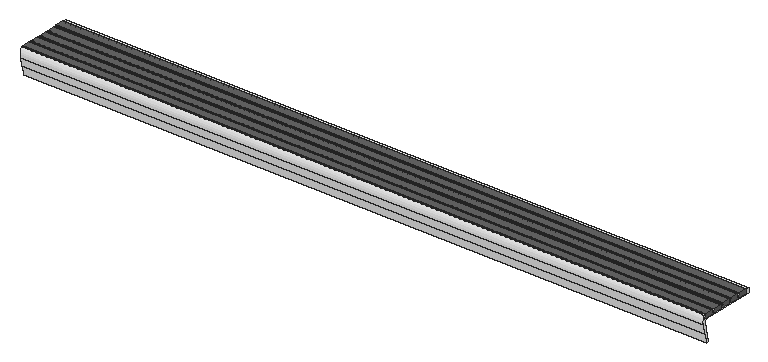
Revit family "Stair_Tread-Wooster-Supergrit_Safety_Treads-138", category Specialty Equipment, host Face, Revit 2017
Family settings
  Host = Face
  Round Connector Dimension = Use Diameter
  Part Type = Normal
  OmniClass Number = 23.30.70.21.11.11.11
  OmniClass Title = Stair Nosings
  Cut with Voids When Loaded = No
  Shared = No
  Room Calculation Point = No
Parameters (values of type "138")
  Width [instance] = 0' - 3"  # constant formula
  Version = "2017 - v2.0a"  # constant formula
  URL = "http://www.wooster-products.com/"
  Support Phone = "(224) 699-9545"  # constant formula
  Support Email = "mailto:support@anguleris.com"
  Safety Tread [instance] = Filler - Wooster - Black - Abrasive Filler
  Product Page URL = "http://www.woosterproducts.com/products/extruded-aluminum/supergrit/"
  Product Name = "Supergrit Nosings / Warning Strips"  # constant formula
  Product Documentation Link = "http://www.woosterproducts.com/spec/138.pdf"
  Model = "138"
  Material = ""
  Manufacturer Phone Number = "1-800-321-4936 or 330-264-2844"  # constant formula
  Manufacturer Fax Number = "330-262-4151"  # constant formula
  Manufacturer Email = "mailto:tim@wooster-products.com"
  Manufacturer Address = "1000 Spruce Street, P.O. BOX 6005, Wooster, OH. 44691"  # constant formula
  Manufacturer = "Wooster Productions Inc"  # constant formula
  Length Constraint [instance] = if(Length > 12' 0", 12' 0", Length)  # 3' - 0"
  Length [instance] = 3' - 0"
  Description = "Anti-Slip Stair Nosing"  # constant formula
  Depth = 0' - 0 1/4"  # constant formula
  Default Elevation = 0' - 0"  # constant formula
  Copyright = "Wooster Products Inc. 2019"  # constant formula
  Construction Type = "Existing Construction"  # constant formula
Values of the unnamed type that differ from the named types
  Support Email = ""
  Product Page URL = "http://www.wooster-products.com/Supergrit_Safety_Treads.html"
  Product Documentation Link = "http://wooster-products.com/pub/Specs/138.pdf"
  Manufacturer Email = ""
Reference planes (in)
  plane 1 "Center (Front/Back)": y = 0
  plane 2: z = 0
  plane 3 "Center (Left/Right)": x = 0
  plane 4 "Left": x = -18
  plane 5 "Right": x = 18
  plane 6 "Back": y = 1.5
  plane 7 "Front": y = -1.5
  plane 8 "Bottom": z = -0.23438
  plane 9: z = 0.01562
Forms (in)
  Sweep 1, solid, material "Metal - Wooster - Extruded Aluminum"
    path origin (0, 24.03085, 0.01562) x (0, 1, 0) y (-1, 0, 0)
      loop
        line (-22.53085, 18) -> (-22.53085, -18)
    profile "Aluminum Base : Aluminum Base" origin (0, 1.5, 0.01562) x (0, 1, 0) y (0, 0, 1)
      loop
        line (0, -0.25) -> (0, 0) -> (-0.187, 0) -> (-0.15575, -0.188) -> (-0.64325, -0.188) -> (-0.612, 0) -> (-0.737, 0) -> (-0.70575, -0.188) -> (-1.19325, -0.188) -> (-1.162, 0) -> (-1.287, 0) -> (-1.25575, -0.188) -> (-1.74325, -0.188) -> (-1.712, 0) -> (-1.837, 0) -> (-1.80575, -0.188) -> (-2.29325, -0.188) -> (-2.262, 0) -> (-2.387, 0) -> (-2.35575, -0.188) -> (-2.84324, -0.188) -> (-2.8168, -0.02823)
        arc (-2.8168, -0.02823) -> (-2.83823, 0.00403) -> (-2.87458, -0.00934) r 0.03125
        arc (-2.87458, -0.00934) -> (-2.9581, -0.22641) -> (-2.95857, -0.459) r 0.64036
        line (-2.95857, -0.459) -> (-2.92805, -0.45362) -> (-2.84733, -0.91138) -> (-2.8168, -0.906) -> (-2.73509, -1.36938) -> (-2.67355, -1.35853) -> (-2.85607, -0.32335)
        arc (-2.85607, -0.32335) -> (-2.8424, -0.27233) -> (-2.79452, -0.25) r 0.0625
        line (-2.79452, -0.25) -> (0, -0.25)
  Sweep 2, solid, material "Filler - Wooster - Black - Abrasive Filler" <- "Safety Tread"
    path origin (0, 24.03085, 0.01562) x (0, 1, 0) y (-1, 0, 0)
      loop
        line (-22.53085, 18) -> (-22.53085, -18)
    profile "Abrasive Filler : Abrasive Filler" origin (0, 1.5, 0.01562) x (0, 1, 0) y (0, 0, 1)
      loop
        line (-0.70575, -0.188) -> (-0.737, 0) -> (-0.737, 0.03125) -> (-1.162, 0.03125) -> (-1.162, 0) -> (-1.19325, -0.188) -> (-0.70575, -0.188)
      loop
        line (-1.74325, -0.188) -> (-1.25575, -0.188) -> (-1.287, 0) -> (-1.287, 0.03125) -> (-1.712, 0.03125) -> (-1.712, 0) -> (-1.74325, -0.188)
      loop
        line (-2.29325, -0.188) -> (-1.80575, -0.188) -> (-1.837, 0) -> (-1.837, 0.03125) -> (-2.262, 0.03125) -> (-2.262, 0) -> (-2.29325, -0.188)
      loop
        line (-2.84324, -0.188) -> (-2.35575, -0.188) -> (-2.387, 0) -> (-2.387, 0.03125) -> (-2.81712, 0.03125) -> (-2.81697, -0.02926) -> (-2.84324, -0.188)
      loop
        line (-0.187, 0.00001) -> (-0.187, 0.03125) -> (-0.612, 0.03125) -> (-0.612, 0) -> (-0.64325, -0.188) -> (-0.15575, -0.188) -> (-0.187, 0.00001)
Lines and regions (in)
  Masking region 1
    outline origin (0, 0, 0) x (1, 0, 0) y (0, 1, 0)
      loop
        line (-18, 1.5) -> (-18, -1.5) -> (18, -1.5) -> (18, 1.5) -> (-18, 1.5)
Dimensions and locks (in)
  equal spacing: plane 4 "Left", plane 3 "Center (Left/Right)", plane 5 "Right"
  "Length Constraint": plane 4 "Left" to plane 5 "Right"
  equal spacing: plane 7 "Front", plane 1 "Center (Front/Back)", plane 6 "Back"
  "Width": plane 7 "Front" to plane 6 "Back"
  "Depth": plane 9 to plane 8 "Bottom"
  locked: plane 2 to plane 8 "Bottom" at 0.23438
  aligned and locked: plane 2 to host face
  aligned and locked: level to host face
  aligned and locked: plane 5 "Right" to Sweep 1 sketch curve
  aligned and locked: plane 4 "Left" to Sweep 1 sketch curve
  aligned and locked: Sweep 1 sketch curve to plane 6 "Back"
  aligned and locked: plane 5 "Right" to Sweep 2 sketch curve
  aligned and locked: plane 4 "Left" to Sweep 2 sketch curve
  aligned and locked: Sweep 2 sketch curve to plane 6 "Back"
  aligned and locked: plane 4 "Left" to Masking region 1 sketch curve
  aligned and locked: Masking region 1 sketch curve to plane 6 "Back"
  aligned and locked: Masking region 1 sketch curve to plane 7 "Front"
  aligned and locked: plane 5 "Right" to Masking region 1 sketch curve
Automatic sketch dimensions
  host sketch curve to host sketch curve = 8' - 0"
  host sketch curve to host sketch curve = 4' - 0"
